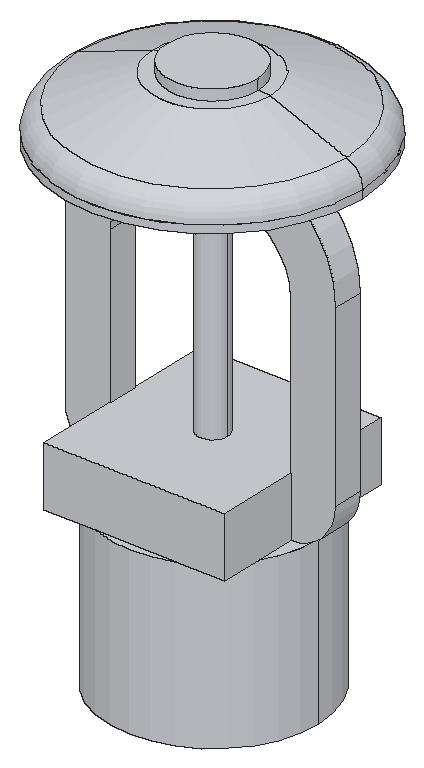
Revit family
Parameters (values of type "RASCO F1FR56-300 UPRIGHT")
  URL = ""
  Temperature Rating = 155 °F
  Response = 1
  RASCO SIN # = "RA2625"
  RASCO Part # = "F1FR56U1W3"
  Pressure Rating = "300 PSI"
  Pressure Class = 1
  Orifice Size = 1/2"
  Orifice = (empty or 0)
  Model = "F1FR56-300"
  Manufacturer = "RASCO"
  K-Factor = 5.6
  Description = "White Finish"
  Coverage = (empty or 0)
Reference planes (in)
  plane 1 "Center (Front/Back)": y = 0
  plane 2: z = 0
  plane 3 "Center (Left/Right)": x = 0
Nested families (in)
  nested 1: "F1FR56U1W3" at (0.01218, -0.18684, 0), type "RASCO F1FR56-300 UPRIGHT"
Connectors (in)
  piping at (0.01218, -0.18684, 0)
    settings: on nested 1, index 1, connector radius 115/256", flow factor 0, pipe flow 0 GPM, pressure drop 0.00 psi, fitting loss kfactor 0, connector angle 0.00°, fixture units 0, flow configuration 0, flow direction 0, fitting loss method 0, system type 7, connector reference index -1, connector utility 0, adjustable connector no, is connector primary yes, fitting loss table "", connector description ""
Definition of nested family "F1FR56U1W3"
  Parameters (values of type "RASCO F1FR56-300 UPRIGHT")
    Type Comments = ""
    Temperature Rating = 0 °F
    Response = (empty or 0)
    Pressure Rating = "0"
    Pressure Class = (empty or 0)
    Orifice Size = 0"
    Orifice = (empty or 0)
    Model = ""
    Manufacturer = ""
    K-Factor = 0
    Description = ""
    Coverage = (empty or 0)
    Assembly Code = ""
  Reference planes (in)
    plane 1 "Center (Front/Back)": y = 0
    plane 2: z = 0
    plane 3 "ref.2": z = 0.6875
    plane 4 "ref.3": z = 0.9375
    plane 5: x = -0.38065
    plane 6: x = 0.36935
    plane 7 "ref. side 1": y = 0.06402
    plane 8 "ref. side 2": y = -0.06098
    plane 9 "ref.4": z = 1.875
    plane 10 "ref.5": z = 2.3125
    plane 11 "ref.6": z = 2.4375
  Forms (in)
    Extrusion 1, solid
      sketch origin (0, 0, 0) x (1, 0, 0) y (0, 1, 0)
        loop
          circle (0, 0) r 0.4375
      from 0 to 0.6875
    Extrusion 2, solid
      sketch origin (-0.12185, 0.05177, 0.6875) x (1, 0, 0) y (0, 1, 0)
        loop
          line (-0.2588, 0.356) -> (-0.2588, -0.4565) -> (0.4912, -0.4565) -> (0.4912, 0.356) -> (-0.2588, 0.356)
      from 0 to 0.25
    Extrusion 3, solid
      sketch origin (0, 0, 0) x (1, 0, 0) y (0, 0, 1)
        loop
          line (-0.38065, 0.68754) -> (-0.38065, 1.58397)
          arc (-0.38065, 1.58397) -> (-0.29541, 1.78976) -> (-0.08962, 1.875) r 0.29103
          line (-0.08962, 1.875) -> (0.07524, 1.875)
          arc (0.07524, 1.875) -> (0.28321, 1.78886) -> (0.36935, 1.58089) r 0.29411
          line (0.36935, 1.58089) -> (0.36935, 0.68751)
          arc (0.36935, 0.68751) -> (0.50207, 0.74393) -> (0.55685, 0.87734) r 0.18984
          line (0.55685, 0.87734) -> (0.55685, 1.61676)
          arc (0.55685, 1.61676) -> (0.42629, 1.93194) -> (0.11111, 2.0625) r 0.44574
          line (0.11111, 2.0625) -> (-0.12259, 2.0625)
          arc (-0.12259, 2.0625) -> (-0.43765, 1.932) -> (-0.56815, 1.61694) r 0.44556
          line (-0.56815, 1.61694) -> (-0.56815, 0.87876)
          arc (-0.56815, 0.87876) -> (-0.51345, 0.74486) -> (-0.38065, 0.68754) r 0.19126
      from -0.06402 to 0.06098
    Extrusion 4, solid
      sketch origin (0, 0, 0.9375) x (-1, 0, 0) y (0, -1, 0)
        loop
          circle (0.00574, -0.00152) r 0.0625
      from 0 to 0.9375
    Extrusion 5, solid
      sketch origin (0, 0, 1.875) x (-1, 0, 0) y (0, -1, 0)
        loop
          circle (0.00574, -0.00152) r 0.1875
      from 0 to 0.4375
    Revolve 6, solid
      sketch origin (0, 0, -0.31276) x (1, 0, 0) y (0, 0, 1)
        loop
          line (-0.19324, 2.33367) -> (-0.19324, 2.58367) -> (-0.24995, 2.58367) -> (-0.56395, 2.46314)
          arc (-0.56395, 2.46314) -> (-0.61243, 2.42492) -> (-0.63074, 2.36595) r 0.1041
          line (-0.63074, 2.36595) -> (-0.63074, 2.33367) -> (-0.19324, 2.33367)
        axis (-0.00574, 2.33367) -> (-0.00574, 2.58367)
      angle from 0 to 360
  Cuts and joins
    joined: Extrusion 1, Extrusion 2, Extrusion 4, Revolve 6
  Lines and regions (in)
    model lines
      curve 1: line (-0.00574, 0.06402, 1.875) -> (-0.00574, -0.06098, 1.875)
